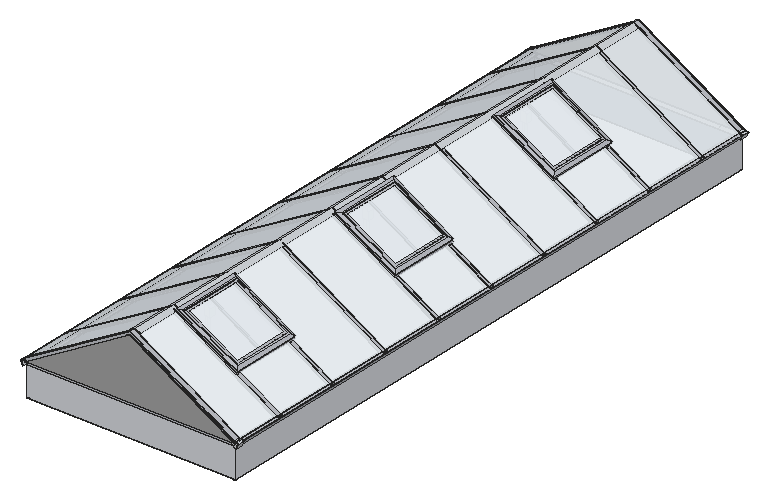
Revit family "Ленточный двухскатный зенитный фонарь M8CITY_Д_ВЕНТ-створки_2017", category Оборудование, Revit 2017 (continued)
Definition of nested family "Створка Д-2"
  Definition of nested family "Створка точки"
    Automatic sketch dimensions
      plane 4 to Extrusion 1 sketch curve = 18.033 mm
      Extrusion 1 sketch curve to Extrusion 1 sketch curve = 18.1 mm
      Extrusion 1 sketch curve to Extrusion 1 sketch curve = 2.054 mm
      Extrusion 1 sketch curve to plane 5 = 18 mm
      plane 4 to Extrusion 3 sketch curve = 20 mm
      Extrusion 3 sketch curve to plane 5 = 21.336 mm
      level to Sweep 2 sketch curve = 24.821 mm
      profile plane to Sweep 2 sketch curve = 58.033 mm
      Sweep 2 sketch curve to Sweep 2 sketch curve = 3.5 mm
      Sweep 2 sketch curve to Sweep 2 sketch curve = 15.5 mm
      profile plane to Sweep 2 sketch curve = 15.033 mm
      Sweep 2 sketch curve to Sweep 2 sketch curve = 0.5 mm
      Sweep 2 sketch curve to profile plane = 5.467 mm
      Sweep 2 sketch curve to level = 13.179 mm
      Sweep 2 sketch curve to profile plane = 57.967 mm
      Sweep 2 sketch curve to Sweep 2 sketch curve = 2.889 mm
      level to Sweep 2 sketch curve = 12.803 mm
      Sweep 2 sketch curve to Sweep 2 sketch curve = 11 mm
      Sweep 2 sketch curve to Sweep 2 sketch curve = 4.5 mm
      Sweep 2 sketch curve to Sweep 2 sketch curve = 28 mm
      Sweep 2 sketch curve to Sweep 2 sketch curve = 30.5 mm
      Sweep 2 sketch curve to Sweep 2 sketch curve = 2 mm
      Sweep 2 sketch curve to Sweep 2 sketch curve = 11.215 mm
      Sweep 2 sketch curve to level = 5.326 mm
  Definition of nested family "вентиляция"
    Parameters (values of type "вентиляция")
      Ширина = 1340 mm
      Длина = 1210.736 mm
    Reference planes
      plane 1 "По центру (Вперед/Назад)": y = 0
      plane 2: z = 0
      plane 3 "По центру (Влево/Вправо)": x = 0
      plane 4: z = 70
      plane 5: z = -615
      plane 6: z = -185
      plane 7: z = 55
      plane 8: z = -20
      plane 9: y = 45
      plane 10: y = -45
      plane 11: x = -850
      plane 12: x = -670
      plane 13: y = 605.368
      plane 14: x = 670
      plane 15: y = -605.368
    Forms (mm)
      Extrusion 1, solid
        sketch origin (0, 0, 0) x (1, 0, 0) y (0, 0, 1)
          loop
            line (0, -20) -> (0, -185) -> (90, -185) -> (90, -65) -> (69.016, -20) -> (0, -20)
        from -45 to 45
      Extrusion 2, solid
        sketch origin (0, 0, 0) x (1, 0, 0) y (0, 0, 1)
          loop
            line (0, -185) -> (0, -410) -> (40, -410) -> (40, -185) -> (0, -185)
        from -20 to 20
      Revolve 3, solid
        sketch origin (0, 0, 0) x (1, 0, 0) y (0, 0, 1)
          loop
            line (65, -185) -> (65, -210) -> (68, -210) -> (68, -200) -> (73, -200) -> (73, -185) -> (65, -185)
          axis (65, -185) -> (65, -210)
        angle from 0 to 360
      Revolve 4, solid
        sketch origin (0, 0, 0) x (1, 0, 0) y (0, 0, 1)
          loop
            line (12.727, 55) -> (12.727, -20) -> (25.454, -20) -> (25.454, 55) -> (12.727, 55)
          axis (12.727, -20) -> (12.727, 55)
        angle from 0 to 360
      Revolve 5, solid
        sketch origin (0, 0, 0) x (1, 0, 0) y (0, 0, 1)
          loop
            line (12.727, 55) -> (15.227, 55) -> (15.227, 70) -> (12.727, 70) -> (12.727, 55)
          axis (12.727, 70) -> (12.727, 55)
        angle from 0 to 360
      Extrusion 6, solid
        sketch origin (0, 0, 0) x (1, 0, 0) y (0, 0, 1)
          loop
            circle (12.727, 0) r 6
        from -20 to 20
    Dimensions and locks
      plane 4 to plane 2 = 70 mm
      locked: plane 2 to plane 6 at 185
      locked: plane 6 to plane 5 at 430
      locked: plane 7 to plane 2 at 55
      locked: plane 2 to plane 8 at 20
      locked: Extrusion 1 sketch curve to Extrusion 1 sketch curve at 90
      locked: plane 1 "По центру (Вперед/Назад)" to plane 9 at 45
      locked: plane 10 to plane 1 "По центру (Вперед/Назад)" at 45
      plane 1 "По центру (Вперед/Назад)" to Extrusion 2 = 20 mm
      Extrusion 2 to plane 1 "По центру (Вперед/Назад)" = 20 mm
      equal spacing: plane 12, plane 3 "По центру (Влево/Вправо)", plane 14
      equal spacing: plane 13, plane 1 "По центру (Вперед/Назад)", plane 15
      "Ширина": plane 12 to plane 14
      "Длина": plane 13 to plane 15
      aligned and locked: level to plane 2
      aligned and locked: Extrusion 2 sketch curve to plane 3 "По центру (Влево/Вправо)"
      aligned and locked: plane 9 to Extrusion 1
      aligned and locked: Extrusion 1 to plane 10
    Automatic sketch dimensions
      Extrusion 1 sketch curve to plane 3 "По центру (Влево/Вправо)" = 0 mm
      Extrusion 1 sketch curve to plane 8 = 0 mm
      Extrusion 1 sketch curve to plane 6 = 0 mm
      Extrusion 1 sketch curve to Extrusion 1 sketch curve = 20.984 mm
      Extrusion 1 sketch curve to plane 8 = 45 mm
      Revolve 3 sketch curve to plane 6 = 0 mm  (x2)
      plane 3 "По центру (Влево/Вправо)" to Revolve 3 sketch curve = 65 mm
      Revolve 3 sketch curve to Revolve 3 sketch curve = 3 mm
      Revolve 3 sketch curve to Revolve 3 sketch curve = 8 mm
      Revolve 3 sketch curve to plane 6 = 15 mm
      Revolve 3 sketch curve to Revolve 3 sketch curve = 10 mm
      Revolve 3 sketch curve to Revolve 3 sketch curve = 0 mm  (x2)
      Revolve 4 sketch curve to plane 7 = 0 mm  (x2)
      Revolve 4 sketch curve to plane 8 = 0 mm  (x2)
      plane 3 "По центру (Влево/Вправо)" to Revolve 4 sketch curve = 12.727 mm
      Revolve 4 sketch curve to Revolve 4 sketch curve = 12.727 mm
      Revolve 4 sketch curve to Revolve 4 sketch curve = 0 mm
      Revolve 5 sketch curve to plane 7 = 0 mm  (x2)
      Revolve 5 sketch curve to plane 4 = 0 mm  (x2)
      plane 3 "По центру (Влево/Вправо)" to Revolve 5 sketch curve = 12.727 mm
      Revolve 5 sketch curve to Revolve 5 sketch curve = 2.5 mm
      Revolve 5 sketch curve to Revolve 5 sketch curve = 0 mm
      Extrusion 6 sketch curve to level = 0 mm
      plane 3 "По центру (Влево/Вправо)" to Extrusion 6 sketch curve = 12.727 mm
      Extrusion 2 sketch curve to plane 6 = 0 mm
      plane 3 "По центру (Влево/Вправо)" to Extrusion 2 sketch curve = 40 mm
      plane 5 to Extrusion 2 sketch curve = 205 mm
      radius of Extrusion 6 sketch curve = 6 mm
Definition of nested family "ПК низкая детализация"
  Parameters (values of type "ПК низкая детализация")
    Ширина проёма = 3500 mm
    Угол наклона = 30.00°
    Толщина заполения = 20 mm
    Длина проёма = 2600 mm
  Reference planes
    plane 1 "По центру (Вперед/Назад)": y = 0
    plane 2: z = -100
    plane 3 "По центру (Влево/Вправо)": x = 0
    plane 4: x = -1750
    plane 5: x = 1750
    plane 6: z = -50
    plane 7: x = -1840
    plane 8: x = 1840
    plane 9: y = 15
    plane 10: y = -15
    plane 11: y = 1300
    plane 12: y = -1300
    plane 13: y = 1380
    plane 14: y = -1380
  Forms (mm)
    Extrusion 1, solid, detail levels coarse
      sketch origin (0, 0, 0) x (1, 0, 0) y (0, 0, 1)
        loop
          line (-1840, -50) -> (1840, -50) -> (0, 1012.324) -> (-1840, -50)
      from -1380 to 1380
  Lines and regions (mm)
    reference lines
      curve 1: line (1840, 0, -50) -> (1850, 0, -32.679)
      curve 2: line (-1840, 0, -50) -> (-1850, 0, -32.679)
      curve 3: line (-1840, 0, -50) -> (0, 0, 1012.324)
      curve 4: line (0, 0, 1012.324) -> (-10, 0, 1029.645)
      curve 5: line (-10, 0, 1029.645) -> (-1850, 0, -32.679)
      curve 6: line (1840, 0, -50) -> (0, 0, 1012.324)
      curve 7: line (0, 0, 1012.324) -> (10, 0, 1029.645)
      curve 8: line (10, 0, 1029.645) -> (1850, 0, -32.679)
  Dimensions and locks
    equal spacing: plane 4, plane 3 "По центру (Влево/Вправо)", plane 5
    "Ширина проёма": plane 4 to plane 5
    locked: plane 4 to plane 7 at 90
    locked: plane 8 to plane 5 at 90
    plane 6 to plane 2 = 50 mm
    "Толщина заполения": curve 5 to curve 3
    curve 5 to curve 3 = 20 mm
    "Толщина заполения": curve 8 to curve 6
    curve 8 to curve 6 = 20 mm
    equal spacing: plane 11, plane 1 "По центру (Вперед/Назад)", plane 12
    "Длина проёма": plane 11 to plane 12
    locked: plane 13 to plane 11 at 80
    locked: plane 12 to plane 14 at 80
    locked: curve 5 to curve 2 (angle 90.00°)
    "Угол наклона": angle plane 6 to curve 3
    locked: curve 4 to curve 3 (angle 90.00°)
    angle curve 1 to curve 8 = 90.00°
    "Угол наклона": angle curve 6 to plane 6
    locked: curve 6 to curve 7 (angle 90.00°)
    aligned and locked: plane 6 to curve 2
    aligned and locked: plane 7 to curve 2
    aligned and locked: plane 3 "По центру (Влево/Вправо)" to curve 3
    aligned and locked: plane 8 to curve 1
    aligned and locked: Extrusion 1 sketch curve to plane 6
    aligned and locked: Extrusion 1 to plane 14
    aligned and locked: plane 13 to Extrusion 1
    aligned and locked: Extrusion 1 sketch curve to curve 3
    aligned and locked: Extrusion 1 sketch curve to curve 6
